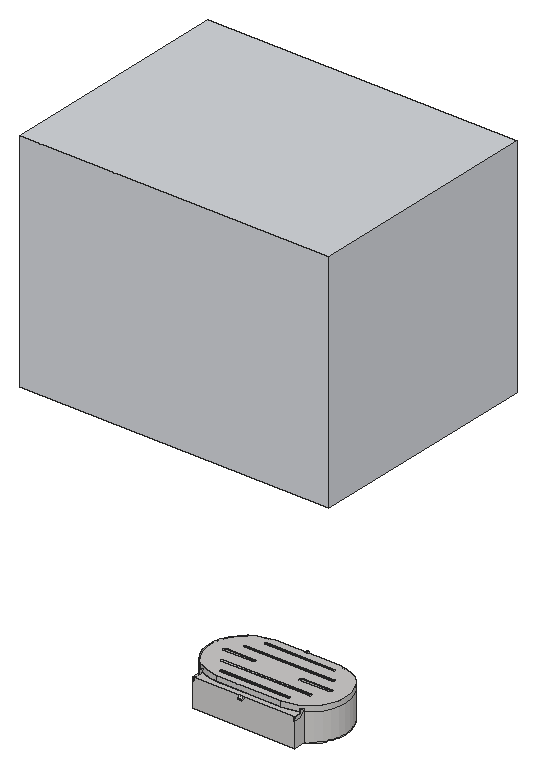
Revit family
Parameters
  Trim Material = Metal - Stainless Steel
  Body Material = Metal - Stainless Steel
  Warranty Duration (Years) = 0
  URL = "http://www.americanspecialties.com/viewCategories.cfm"
  Test Data = ""
  Specification = "http://www.arcat.com/sdspecs/htm/10810asi.htm"
  SpecWizard = ""
  Send Message = "http://www.arcat.com/users.pl?action=UserEmail&company=American%20Specialties,%20Inc.&coid=30448&rep=139&fax=914-476-0688&mf="
  Sales Information = "http://www.americanspecialties.com/contact"
  Revision = "R1_10-2010"
  Product Properties = "http://www.americanspecialties.com/datasheets/0039.pdf"
  Product Data = "http://www.arcat.com/arcatcos/cos30/arc30448.html"
  Model = "As Specified in 10 28 13"
  Manufacturer Website = "http://www.americanspecialties.com/viewCategories.cfm"
  Manufacturer Phone - Toll Free = ""
  Manufacturer Phone = "914-476-9000 "
  Manufacturer Fax = "914-476-0688"
  Manufacturer Address = "441 Saw Mill River Rd., Yonkers, NY 10701"
  Manufacturer = "American Specialties, Inc."
  Maintenance Schedule (Months) = 0
  Keynote = "10 28 13"
  Installation-Fabrication = "http://www.americanspecialties.com/products.cfm"
  Green Building-LEED = ""
  Expected Lifespan (Years) = 0
  Drawn By = "Robert S. Weygant. CSI, CDT, SCIP"  # constant formula
  Description = "Toilet Accessory as Specified in 10 28 13"
  Default Elevation = 4' - 0"
  Copyright = "©Arcat Inc."
  Construction Details = "http://www.arcat.com/green/clients/leed_data_30448.html"
  Building Codes = "http://www.americanspecialties.com/products.cfm"
  Assembly Code = "C1030210"
Reference planes (in)
  plane 1 "Center (Front/Back)": y = -0.29112
  plane 2 "Floor Line": z = 0
  plane 3 "Center (Left/Right)": x = -0.65843
  plane 4: y = 5.39638
  plane 5: y = -6.10362
  plane 6: x = -11.06468
  plane 7: x = 9.74782
  plane 8: z = 4.90625
  plane 9: z = 4.15625
Forms (in)
  Extrusion 1, solid
    sketch origin (-3.65843, -10.3328, -6) x (0, 0, -1) y (1, 0, 0)
      loop
        line (-82, 26) -> (-82, -19.34712) -> (-48.93315, -19.34712) -> (-48.93315, 26) -> (-82, 26)
    from 9 to -25.60721
  Extrusion 2, solid, material "Metal - Stainless Steel" <- "Body Material"
    sketch origin (0, 0, 1.25669) x (1, 0, 0) y (0, 1, 0)
      loop
        arc (-5.37718, 5.39638) -> (-10.68968, 0.08388) -> (-5.37718, -5.22862) r 5.3125
        line (-5.37718, -5.22862) -> (4.06032, -5.22862)
        arc (4.06032, -5.22862) -> (9.37282, 0.08388) -> (4.06032, 5.39638) r 5.3125
        line (4.06032, 5.39638) -> (-5.37718, 5.39638)
      loop
        arc (-8.38871, 0.33388) -> (-8.63871, 0.08388) -> (-8.38871, -0.16612) r 0.25
        line (-8.38871, -0.16612) -> (-4.13871, -0.16612)
        arc (-4.13871, -0.16612) -> (-3.88871, 0.08388) -> (-4.13871, 0.33388) r 0.25
        line (-4.13871, 0.33388) -> (-8.38871, 0.33388)
      loop
        line (7.07184, 0.33388) -> (2.82184, 0.33388)
        arc (2.82184, 0.33388) -> (2.57184, 0.08388) -> (2.82184, -0.16612) r 0.25
        line (2.82184, -0.16612) -> (7.07184, -0.16612)
        arc (7.07184, -0.16612) -> (7.32184, 0.08388) -> (7.07184, 0.33388) r 0.25
    from 3.6093 to 3.64956
  Extrusion 3, solid, material "Metal - Stainless Steel" <- "Body Material"
    sketch origin (0, 0, 0) x (1, 0, 0) y (0, 1, 0)
      loop
        arc (-5.37718, 5.39638) -> (-10.68968, 0.08388) -> (-5.37718, -5.22862) r 5.3125
        line (-5.37718, -5.22862) -> (4.06032, -5.22862)
        arc (4.06032, -5.22862) -> (9.37282, 0.08388) -> (4.06032, 5.39638) r 5.3125
        line (4.06032, 5.39638) -> (-5.37718, 5.39638)
      loop
        arc (-5.37718, 5.33388) -> (-10.62718, 0.08388) -> (-5.37718, -5.16612) r 5.25
        line (-5.37718, -5.16612) -> (4.06032, -5.16612)
        arc (4.06032, -5.16612) -> (9.31032, 0.08388) -> (4.06032, 5.33388) r 5.25
        line (4.06032, 5.33388) -> (-5.37718, 5.33388)
    from 0 to 4.15625
  Extrusion 4, solid, material "Metal - Stainless Steel" <- "Body Material"
    sketch origin (-0.23893, 0.375, 0) x (1, 0, 0) y (0, 1, 0)
      loop
        arc (-5.41951, 3.95754) -> (-5.54451, 3.83254) -> (-5.41951, 3.70754) r 0.125
        line (-5.41951, 3.70754) -> (4.58049, 3.70754)
        arc (4.58049, 3.70754) -> (4.70549, 3.83254) -> (4.58049, 3.95754) r 0.125
        line (4.58049, 3.95754) -> (-5.41951, 3.95754)
      loop
        arc (-6.91951, 1.95754) -> (-7.04451, 1.83254) -> (-6.91951, 1.70754) r 0.125
        line (-6.91951, 1.70754) -> (6.08049, 1.70754)
        arc (6.08049, 1.70754) -> (6.20549, 1.83254) -> (6.08049, 1.95754) r 0.125
        line (6.08049, 1.95754) -> (-6.91951, 1.95754)
      loop
        arc (-6.91951, -2.28978) -> (-7.04451, -2.41478) -> (-6.91951, -2.53978) r 0.125
        line (-6.91951, -2.53978) -> (6.08049, -2.53978)
        arc (6.08049, -2.53978) -> (6.20549, -2.41478) -> (6.08049, -2.28978) r 0.125
        line (6.08049, -2.28978) -> (-6.91951, -2.28978)
      loop
        arc (-5.41951, -4.28978) -> (-5.54451, -4.41478) -> (-5.41951, -4.53978) r 0.125
        line (-5.41951, -4.53978) -> (4.58049, -4.53978)
        arc (4.58049, -4.53978) -> (4.70549, -4.41478) -> (4.58049, -4.28978) r 0.125
        line (4.58049, -4.28978) -> (-5.41951, -4.28978)
    from 4.15625 to 4.92398
  Extrusion 5, solid, material "Metal - Stainless Steel" <- "Body Material"
    sketch origin (0, 0, 0) x (1, 0, 0) y (0, 1, 0)
      loop
        line (-8.15843, -6.10362) -> (6.84157, -6.10362) -> (6.84157, -4.44241)
        arc (6.84157, -4.44241) -> (5.50544, -5.02829) -> (4.06032, -5.22862) r 5.3125
        line (4.06032, -5.22862) -> (-5.37718, -5.22862)
        arc (-5.37718, -5.22862) -> (-6.8223, -5.02829) -> (-8.15843, -4.44241) r 5.3125
        line (-8.15843, -4.44241) -> (-8.15843, -6.10362)
    from 0 to 4.15625
  Extrusion 6, solid, material "Metal - Stainless Steel" <- "Trim Material"
    sketch origin (0, -0.29112, 3.75) x (1, 0, 0) y (0, 0, 1)
      loop
        circle (-0.65843, 1.01656) r 0.25
    from -5.87138 to -5.6875
  Extrusion 7, solid, material "Metal - Stainless Steel" <- "Body Material"
    sketch origin (0, 0, 0) x (1, 0, 0) y (0, 1, 0)
      loop
        arc (-5.37718, 5.39638) -> (-10.68968, 0.08388) -> (-5.37718, -5.22862) r 5.3125
        line (-5.37718, -5.22862) -> (4.06032, -5.22862)
        arc (4.06032, -5.22862) -> (9.37282, 0.08388) -> (4.06032, 5.39638) r 5.3125
        line (4.06032, 5.39638) -> (-5.37718, 5.39638)
      loop
        arc (-5.37718, 5.33388) -> (-10.62718, 0.08388) -> (-5.37718, -5.16612) r 5.25
        line (-5.37718, -5.16612) -> (4.06032, -5.16612)
        arc (4.06032, -5.16612) -> (9.31032, 0.08388) -> (4.06032, 5.33388) r 5.25
        line (4.06032, 5.33388) -> (-5.37718, 5.33388)
    from 4.15625 to 4.90625
  Extrusion 8, solid, material "Metal - Stainless Steel" <- "Body Material"
    sketch origin (0, 0, -4.86831) x (1, 0, 0) y (0, 1, 0)
      loop
        arc (-5.37718, 5.39638) -> (-10.68968, 0.08388) -> (-5.37718, -5.22862) r 5.3125
        line (-5.37718, -5.22862) -> (4.06032, -5.22862)
        arc (4.06032, -5.22862) -> (9.37282, 0.08388) -> (4.06032, 5.39638) r 5.3125
        line (4.06032, 5.39638) -> (-5.37718, 5.39638)
    from 4.86831 to 4.93081
  Extrusion 9, solid, material "Metal - Stainless Steel" <- "Body Material"
    sketch origin (-0.65843, -0.09026, -1.35821) x (0, 1, 0) y (0, 0, 1)
      loop
        line (-4.26194, 5.95385) -> (-4.81272, 5.95385)
        arc (-4.81272, 5.95385) -> (-4.85691, 5.93554) -> (-4.87522, 5.89135) r 0.0625
        line (-4.87522, 5.89135) -> (-4.87522, 5.51635)
        arc (-4.87522, 5.51635) -> (-4.89352, 5.47216) -> (-4.93772, 5.45385) r 0.0625
        line (-4.93772, 5.45385) -> (-5.95086, 5.45385)
        arc (-5.95086, 5.45385) -> (-5.99505, 5.43554) -> (-6.01336, 5.39135) r 0.0625
        line (-6.01336, 5.39135) -> (-6.01336, 5.02206)
        arc (-6.01336, 5.02206) -> (-5.99308, 4.97598) -> (-5.94541, 4.9598) r 0.0625
        line (-5.94541, 4.9598) -> (-5.10701, 4.9598)
        arc (-5.10701, 4.9598) -> (-5.08309, 4.96455) -> (-5.06281, 4.9781) r 0.0625
        line (-5.06281, 4.9781) -> (-4.34574, 5.69517)
        arc (-4.34574, 5.69517) -> (-4.32547, 5.70872) -> (-4.30155, 5.71348) r 0.0625
        line (-4.30155, 5.71348) -> (-4.19944, 5.71348) -> (-4.19944, 5.89135)
        arc (-4.19944, 5.89135) -> (-4.21775, 5.93554) -> (-4.26194, 5.95385) r 0.0625
    from 7.32976 to 7.5
  Extrusion 10, solid, material "Metal - Stainless Steel" <- "Body Material"
    sketch origin (-0.65843, -0.09026, -1.35821) x (0, 1, 0) y (0, 0, -1)
      loop
        arc (-4.26194, -5.95385) -> (-4.21775, -5.93554) -> (-4.19944, -5.89135) r 0.0625
        line (-4.19944, -5.89135) -> (-4.19944, -5.71348) -> (-4.30155, -5.71348)
        arc (-4.30155, -5.71348) -> (-4.32547, -5.70872) -> (-4.34574, -5.69517) r 0.0625
        line (-4.34574, -5.69517) -> (-5.06281, -4.9781)
        arc (-5.06281, -4.9781) -> (-5.08309, -4.96455) -> (-5.10701, -4.9598) r 0.0625
        line (-5.10701, -4.9598) -> (-5.94541, -4.9598)
        arc (-5.94541, -4.9598) -> (-5.99308, -4.97598) -> (-6.01336, -5.02206) r 0.0625
        line (-6.01336, -5.02206) -> (-6.01336, -5.39135)
        arc (-6.01336, -5.39135) -> (-5.99505, -5.43554) -> (-5.95086, -5.45385) r 0.0625
        line (-5.95086, -5.45385) -> (-4.93772, -5.45385)
        arc (-4.93772, -5.45385) -> (-4.89352, -5.47216) -> (-4.87522, -5.51635) r 0.0625
        line (-4.87522, -5.51635) -> (-4.87522, -5.89135)
        arc (-4.87522, -5.89135) -> (-4.85691, -5.93554) -> (-4.81272, -5.95385) r 0.0625
        line (-4.81272, -5.95385) -> (-4.26194, -5.95385)
    from 7.32976 to 7.5
  Extrusion 11, solid, material "Metal - Stainless Steel" <- "Trim Material"
    sketch origin (-0.65843, -0.125, -1.28125) x (0, 1, 0) y (0, 0, 1)
      loop
        line (-5.97862, 5.4375) -> (-6.3962, 5.22473) -> (-6.3962, 5.09979) -> (-5.97862, 5.09979) -> (-5.97862, 5.4375)
    from -0.60815 to 0
Cuts and joins
  joined: Extrusion 2, Extrusion 7
  joined: Extrusion 3, Extrusion 8
Dimensions and locks (in)
  aligned and locked: Extrusion 5 sketch curve to Extrusion 2  (x3)
  aligned and locked: Extrusion 5 to level
  aligned and locked: plane 4 to Extrusion 6
  aligned and locked: Extrusion 7 sketch curve to Extrusion 2  (x4)
  aligned and locked: level to Extrusion 5
  aligned and locked: Extrusion 8 to level
  aligned and locked: Extrusion 5 to Extrusion 9
  aligned and locked: plane 3 "Center (Left/Right)" to Extrusion 11
  aligned and locked: plane 9 to Extrusion 3
  aligned and locked: Extrusion 7 to cut or joined group of Extrusion 3, Extrusion 8
  aligned and locked: plane 8 to Extrusion 7
  aligned and locked: Extrusion 2 to Extrusion 7
  aligned and locked: Extrusion 4 to Extrusion 5
  aligned and locked: Extrusion 5 to plane 5
